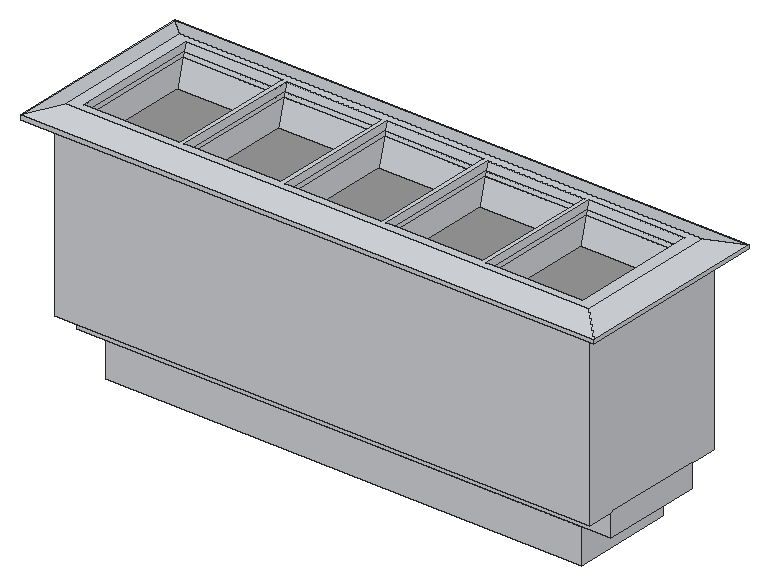
Revit family "2061146 Sylvania Lighting Fixture DOMINO 5xLED 930 BLACK MB TRIM WHITE", category Lighting Fixtures, host Face, Revit 2018
Family settings
  Host = Face
  Round Connector Dimension = Use Diameter
  Part Type = Normal
  OmniClass Number = 23.80.70.00
  OmniClass Title = Lighting
  Cut with Voids When Loaded = No
  Light Source = Yes
  Shared = No
  Room Calculation Point = No
Parameters (values of type "2061146 DOMINO 5XLED 930 BLACK MB TR WHT ")
  top top width = 15.812 mm
  top top length = 123 mm
  Width = 50 mm
  Weight = "n/a"
  Wattage Comments = ""
  Wattage = 9.2903 W
  WarrantyStartDate [instance] = "n/a"
  WarrantyGuarantorParts = "n/a"
  WarrantyDurationUnit = "n/a"
  WarrantyDurationParts = ""
  WarrantyDescription = "http://www.sylvania-lighting.com"
  built-in parameter 1150110 = 1 (stored number, unit not read)
  Voltage = 0 V
  URL = "0.6"
  TypeName = "DOMINO 5xLED 930 BLACK MB TRIM WHITE"
  Type Image = <None>
  Type Comments = "n/a"
  built-in parameter 1114217 = 1 (stored number, unit not read)
  Top Width = 26 mm
  Tilt Angle = 90.00°
  built-in parameter 1150109 = 1 (stored number, unit not read)
  built-in parameter 1150134 = 3
  built-in parameter 1150113 = 1 (stored number, unit not read)
  SerialNumber [instance] = "n/a"
  Recessed Width = 43 mm
  Recessed Length = 143 mm
  Photometric Web File = "2061146.ies"
  Material_3_FEILO = none
  PowerFactor = 0
  PowerConsumption = "Lighting"
  NominalLength = 50 mm
  NominalHeight = 0 mm
  NominalDepth = 0 mm
  Name = "DOMINO 5xLED 930 BLACK MB TRIM WHITE"
  ModelReference = Name  # "DOMINO 5xLED 930 BLACK MB TRIM WHITE"
  ModelNumber = "2061146"
  Model = Name  # "DOMINO 5xLED 930 BLACK MB TRIM WHITE"
  Material = "Feilo Sylvania"
  ManufacturerName = "58 lm/W"
  Manufacturer = ""
  LuminousEfficacy = ""
  built-in parameter 1150105 = 109.82 (stored number, unit not read)
  Lumens = 1380 lm
  LuminaireType = "0"
  built-in parameter 1150115 = 1 (stored number, unit not read)
  LightOutputRatio = "LED"
  built-in parameter 1150137 = (empty or 0)
  built-in parameter 1150139 = (empty or 0)
  Lens inside recess = 25 mm
  Lens Width = 32 mm
  Lens Outside recess = 31.978 mm
  Lens = Glass, White, High Luminance
  Length = 148 mm
  LampsType = Lamp  # "n/a"
  LampNominalLuminous = "3000 K"
  LampMacAdamStep = "90"
  LampColourTemperature = "LED"
  LampColourRenderingIndex = "16500"
  built-in parameter 1150112 = 1 (stored number, unit not read)
  built-in parameter 1150114 = 1 (stored number, unit not read)
  Lamp = "n/a"
  Keynote = "n/a"
  InstallationDate [instance] = "n/a"
  InputVoltage = "0"
  InputNominalFrequency = "3000"
  built-in parameter 1150132 = (empty or 0)
  built-in parameter 1150102 = (empty or 0)
  built-in parameter 1150107 = 3200 (stored number, unit not read)
  built-in parameter 1150138 = (empty or 0)
  IngressProtection = "IfcLightFixtureType"
  ImpactProtectionIndex = "IfcLightFixtureType"
  built-in parameter 1150106 = 1.0982 (stored number, unit not read)
  IfcExportType = "IfcLightFixtureType"
  IfcExportAs = "Class II"
  Facia internal width = 37 mm
  Facia internal length = 135 mm
  Facia Height = 2 mm
  ExpectedLife = 50000
  Emit from Circle Diameter = 609.6 mm
  Emit Shape Visible in Rendering = no
  ElectricShockClassification = "58"
  built-in parameter 1150104 = 13.8 (stored number, unit not read)
  DurationUnit = "hours"
  DocumentationLiterature = "http://www.sylvania-lighting.com/product/en-int/products/2061146"
  DimmingControlOptions = "n/a"
  Material_2_FEILO = none
  Dimming Lamp Color Temperature Shift = <None>
  Description = "Modular LED recessed linear spotlight, ideal for retail and hospitality applications. Die-cast aluminium body, passive cooling. Two levels of reflector installation, low glaring UGR<16. 5x LED source, 30° beam angle , optics: PMMA lens and polycarbonate reflector combination, Black matt reflector finish. Light color temperature: 3000K warm white, total system power: 13W , total fixture lumen output: 750lm, efficacy: 58 lm/W, Ra90 typical, LED chromacity: 3 step MacAdam ellipse (SDCM3), lifespan: 96,000 hours at 90% of the original output (L90B10), IR/UV free light source without heat radiation, operating voltage: 220-240V / 50-60Hz, electronic driver, ultra low flicker, non-dimmable , electrical protection: Class II. Degree of Protection: IP40/IP20, suitable for indoor environment only. Ceiling cut-out: 43x43mm, outer dimensions:  150x50mm trim frame RAL 9016 - Traffic white / Bezel color.5 years Warranty."
  Default Elevation = 1219.2 mm
  CreatedOn = "10/02/2021"
  CreatedBy = "@sylvania-lighting.com"
  Cost = 0
  Color Filter = 16777215
  built-in parameter 1114216 [instance] = (empty or 0)
  ClassificationValue = "EF_70_80"
  ClassificationName = "Uniclass2015"
  Material_1_FEILO = none
  Body Width = 40 mm
  Body Length = 138 mm
  BarCode [instance] = "n/a"
  built-in parameter 1114218 = 1 (stored number, unit not read)
  built-in parameter 1150133 = 10 (stored number, unit not read)
  AssetType = "Fixed"
  AssetIdentifier [instance] = "n/a"
  Assembly Code = "D5020200"
  Apparent Load = 13 VA
  Material_4_FEILO = none
Reference planes
  plane 1 "Center (Front/Back)": y = 0
  plane 2: z = 0
  plane 3 "Center (Left/Right)": x = 0
  plane 4: z = 0
  plane 5: z = -7
  plane 6: z = -45.895
  plane 7: z = -51.895
  plane 8: z = -60.895
  plane 9: x = -71.5
  plane 10: x = 71.5
  plane 11: y = 21.5
  plane 12: y = -21.5
  plane 13: x = -74
  plane 14: x = 74
  plane 15: y = 25
  plane 16: y = -25
  plane 17: x = 67.5
  plane 18: x = -67.5
  plane 19: y = 18.5
  plane 20: y = -18.5
  plane 21: z = 2
  plane 22: x = -69
  plane 23: x = 69
  plane 24: y = 20
  plane 25: y = -20
  plane 26: y = 13
  plane 27: y = -13
  plane 28: x = 61.5
  plane 29: x = -61.5
  plane 30: x = -65.5
  plane 31: y = 16.5
  plane 32: y = -16.472
  plane 33: x = -40.5
  plane 34: x = -41
  plane 35: x = -65
  plane 36: y = 13
  plane 37: y = -12.972
  plane 38: x = -39.5
  plane 39: x = -14.48
  plane 40: x = -13.48
  plane 41: x = 11.52
  plane 42: x = 12.52
  plane 43: x = 37.52
  plane 44: x = 38.52
  plane 45: x = 64.5
Forms (mm)
  Extrusion 1, solid, not visible, detail levels medium+fine
    sketch origin (4.2, 0, 0) x (1, 0, 0) y (0, 1, 0)
      loop
        line (-29.2, 34.5) -> (-29.2, -34.5) -> (20.8, -34.5) -> (20.8, 34.5) -> (-29.2, 34.5)
    from 0 to 1
  Extrusion 2, solid, not visible, detail levels medium+fine
    sketch origin (4.044, 0, 0) x (1, 0, 0) y (0, 1, 0)
      loop
        line (-29.2, 34.5) -> (-29.2, -34.5) -> (20.8, -34.5) -> (20.8, 34.5) -> (-29.2, 34.5)
    from 0 to 1
  Blend 3, solid, not visible, detail levels medium+fine
    base sketch origin (4.2, 0, 0) x (1, 0, 0) y (0, 1, 0)
      loop
        line (-29.2, 34.5) -> (-29.2, -34.5) -> (20.8, -34.5) -> (20.8, 34.5) -> (-29.2, 34.5)
    top sketch origin (4.2, 0, 0) x (1, 0, 0) y (0, 1, 0)
      loop
        line (-21.7, 28) -> (-21.7, -28) -> (13.3, -28) -> (13.3, 28) -> (-21.7, 28)
    from 1 to 3
  Extrusion 4, solid, not visible, detail levels medium+fine
    sketch origin (3.419, 0, 0) x (1, 0, 0) y (0, 1, 0)
      loop
        line (-29.2, 34.5) -> (-29.2, -34.5) -> (20.8, -34.5) -> (20.8, 34.5) -> (-29.2, 34.5)
    from 0 to 1
  Blend 5, solid, not visible, detail levels medium+fine
    base sketch origin (3.575, 0, 0) x (1, 0, 0) y (0, 1, 0)
      loop
        line (-29.2, 34.5) -> (-29.2, -34.5) -> (20.8, -34.5) -> (20.8, 34.5) -> (-29.2, 34.5)
    top sketch origin (3.575, 0, 0) x (1, 0, 0) y (0, 1, 0)
      loop
        line (-21.7, 28) -> (-21.7, -28) -> (13.3, -28) -> (13.3, 28) -> (-21.7, 28)
    from 1 to 3
  Extrusion 6, solid, not visible, detail levels medium+fine
    sketch origin (4.247, 0, 0) x (1, 0, 0) y (0, 1, 0)
      loop
        line (-29.2, 34.5) -> (-29.2, -34.5) -> (20.8, -34.5) -> (20.8, 34.5) -> (-29.2, 34.5)
    from 0 to 1
  Blend 7, solid, not visible, detail levels medium+fine
    base sketch origin (4.403, 0, 0) x (1, 0, 0) y (0, 1, 0)
      loop
        line (-29.2, 34.5) -> (-29.2, -34.5) -> (20.8, -34.5) -> (20.8, 34.5) -> (-29.2, 34.5)
    top sketch origin (4.403, 0, 0) x (1, 0, 0) y (0, 1, 0)
      loop
        line (-21.7, 28) -> (-21.7, -28) -> (13.3, -28) -> (13.3, 28) -> (-21.7, 28)
    from 1 to 3
  Extrusion 8, void, detail levels medium+fine
    sketch origin (4.2, 0, 0) x (0, 1, 0) y (1, 0, 0)
      loop
        line (21.5, -75.7) -> (21.5, 67.3) -> (-21.5, 67.3) -> (-21.5, -75.7) -> (21.5, -75.7)
    from -9.934 to 83.097
  Extrusion 9, solid, detail levels medium+fine
    sketch origin (4.2, 0, 0) x (1, 0, 0) y (0, 1, 0)
      loop
        line (-78.2, 25) -> (-78.2, -25) -> (69.8, -25) -> (69.8, 25) -> (-78.2, 25)
    from 0 to 1
  Extrusion 10, solid, detail levels medium+fine
    sketch origin (4.2, 0, 0) x (1, 0, 0) y (0, 1, 0)
      loop
        line (-73.2, 20) -> (-73.2, -20) -> (64.8, -20) -> (64.8, 20) -> (-73.2, 20)
    from 0 to -45.895
  Extrusion 11, solid, detail levels medium+fine
    sketch origin (4.2, 0, 0) x (1, 0, 0) y (0, 1, 0)
      loop
        line (-73.2, 13) -> (-73.2, -13) -> (64.8, -13) -> (64.8, 13) -> (-73.2, 13)
    from -51.895 to -45.895
  Extrusion 12, solid, material "Glass, White, High Luminance" <- "Lens", detail levels fine
    sketch origin (11.874, 1219.733, 36.156) x (1, 0, 0) y (0, 1, 0)
      loop
        line (-75.883, -1206.7) -> (-75.883, -1232.733) -> (-51.887, -1232.733) -> (-51.887, -1206.7) -> (-75.883, -1206.7)
    from -43.156 to -42.182
  Blend 13, solid, detail levels medium+fine
    base sketch origin (4.2, 0, 0) x (1, 0, 0) y (0, 1, 0)
      loop
        line (-78.2, 25) -> (-78.2, -25) -> (69.8, -25) -> (69.8, 25) -> (-78.2, 25)
    top sketch origin (4.2, 0, 0) x (1, 0, 0) y (0, 1, 0)
      loop
        line (-71.7, 18.5) -> (-71.7, -18.5) -> (63.3, -18.5) -> (63.3, 18.5) -> (-71.7, 18.5)
    from 1 to 3
  Extrusion 14, solid, detail levels fine
    sketch origin (0, 0, 0) x (1, 0, 0) y (0, 0, 1)
      loop
        line (-61.5, -51.895) -> (-61.5, -60.895) -> (61.5, -60.895) -> (61.5, -51.895) -> (-61.5, -51.895)
    from -13 to 13
  Blend 15, void
    base sketch origin (5.187, 0, 0) x (0, 1, 0) y (-1, 0, 0)
      loop
        line (16.5, 69.7) -> (-16.472, 69.7) -> (-16.472, 44.7) -> (16.5, 44.7) -> (16.5, 69.7)
    top sketch origin (5.187, 0, 0) x (0, 1, 0) y (-1, 0, 0)
      loop
        line (13, 69.2) -> (-12.972, 69.2) -> (-12.972, 45.2) -> (13, 45.2) -> (13, 69.2)
    from 3 to -7
  Blend 16, void
    base sketch origin (31.202, 0, 0) x (0, 1, 0) y (-1, 0, 0)
      loop
        line (16.5, 69.7) -> (-16.472, 69.7) -> (-16.472, 44.7) -> (16.5, 44.7) -> (16.5, 69.7)
    top sketch origin (31.202, 0, 0) x (0, 1, 0) y (-1, 0, 0)
      loop
        line (13, 69.2) -> (-12.972, 69.2) -> (-12.972, 45.2) -> (13, 45.2) -> (13, 69.2)
    from 3 to -7
  Blend 17, void
    base sketch origin (57.213, -0.017, 0) x (0, 1, 0) y (-1, 0, 0)
      loop
        line (16.5, 69.7) -> (-16.472, 69.7) -> (-16.472, 44.7) -> (16.5, 44.7) -> (16.5, 69.7)
    top sketch origin (57.213, -0.017, 0) x (0, 1, 0) y (-1, 0, 0)
      loop
        line (13, 69.2) -> (-12.972, 69.2) -> (-12.972, 45.2) -> (13, 45.2) -> (13, 69.2)
    from 3 to -7
  Blend 18, void
    base sketch origin (83.222, 0, 0) x (0, 1, 0) y (-1, 0, 0)
      loop
        line (16.5, 69.7) -> (-16.472, 69.7) -> (-16.472, 44.7) -> (16.5, 44.7) -> (16.5, 69.7)
    top sketch origin (83.222, 0, 0) x (0, 1, 0) y (-1, 0, 0)
      loop
        line (13, 69.2) -> (-12.972, 69.2) -> (-12.972, 45.2) -> (13, 45.2) -> (13, 69.2)
    from 3 to -7
  Blend 19, void
    base sketch origin (109.202, 0, 0) x (0, 1, 0) y (-1, 0, 0)
      loop
        line (16.5, 69.7) -> (-16.472, 69.7) -> (-16.472, 44.7) -> (16.5, 44.7) -> (16.5, 69.7)
    top sketch origin (109.202, 0, 0) x (0, 1, 0) y (-1, 0, 0)
      loop
        line (13, 69.2) -> (-12.972, 69.2) -> (-12.972, 45.2) -> (13, 45.2) -> (13, 69.2)
    from 3 to -7
  Extrusion 20, solid, material "Glass, White, High Luminance" <- "Lens", detail levels fine
    sketch origin (37.889, 1219.733, 36.156) x (1, 0, 0) y (0, 1, 0)
      loop
        line (-75.883, -1206.7) -> (-75.883, -1232.733) -> (-51.887, -1232.733) -> (-51.887, -1206.7) -> (-75.883, -1206.7)
    from -43.156 to -42.182
  Extrusion 21, solid, material "Glass, White, High Luminance" <- "Lens", detail levels fine
    sketch origin (63.896, 1219.733, 36.156) x (1, 0, 0) y (0, 1, 0)
      loop
        line (-75.883, -1206.7) -> (-75.883, -1232.733) -> (-51.887, -1232.733) -> (-51.887, -1206.7) -> (-75.883, -1206.7)
    from -43.156 to -42.182
  Extrusion 22, solid, material "Glass, White, High Luminance" <- "Lens", detail levels fine
    sketch origin (89.905, 1219.733, 36.156) x (1, 0, 0) y (0, 1, 0)
      loop
        line (-75.883, -1206.7) -> (-75.883, -1232.733) -> (-51.887, -1232.733) -> (-51.887, -1206.7) -> (-75.883, -1206.7)
    from -43.156 to -42.182
  Extrusion 23, solid, material "Glass, White, High Luminance" <- "Lens", detail levels fine
    sketch origin (115.886, 1219.733, 36.156) x (1, 0, 0) y (0, 1, 0)
      loop
        line (-75.883, -1206.7) -> (-75.883, -1232.733) -> (-51.887, -1232.733) -> (-51.887, -1206.7) -> (-75.883, -1206.7)
    from -43.156 to -42.182
  Extrusion 24, solid, detail levels coarse
    sketch origin (4.2, 0, 0) x (1, 0, 0) y (0, 1, 0)
      loop
        line (-78.2, 25) -> (-78.2, -25) -> (69.8, -25) -> (69.8, 25) -> (-78.2, 25)
    from 3 to -60.895
Cuts and joins
  Blend 15, Blend 16, Blend 17, Blend 18, Blend 19 cuts Extrusion 9
  Blend 15, Blend 16, Blend 17, Blend 18, Blend 19 cuts Extrusion 10
  Blend 15, Blend 16, Blend 17, Blend 18, Blend 19 cuts Blend 13
Dimensions and locks
  "Recessed Length": plane 9 to plane 10
  equal spacing: plane 9, plane 3 "Center (Left/Right)", plane 10
  "Length": plane 13 to plane 14
  equal spacing: plane 13, plane 3 "Center (Left/Right)", plane 14
  "Recessed Width": plane 11 to plane 12
  equal spacing: plane 11, plane 1 "Center (Front/Back)", plane 12
  "Width": plane 15 to plane 16
  equal spacing: plane 15, plane 1 "Center (Front/Back)", plane 16
  "Facia internal length": plane 18 to plane 17
  equal spacing: plane 18, plane 3 "Center (Left/Right)", plane 17
  "Facia internal width": plane 19 to plane 20
  equal spacing: plane 19, plane 1 "Center (Front/Back)", plane 20
  "Facia Height": plane 21 to host face
  "Body Length": plane 22 to plane 23
  equal spacing: plane 22, plane 3 "Center (Left/Right)", plane 23
  "Body Width": plane 24 to plane 25
  equal spacing: plane 24, plane 1 "Center (Front/Back)", plane 25
  "Top Width": plane 26 to plane 27
  equal spacing: plane 26, plane 1 "Center (Front/Back)", plane 27
  "top top length": plane 29 to plane 28
  equal spacing: plane 29, plane 3 "Center (Left/Right)", plane 28  (x2)
  plane 28 to plane 29 = 123 mm
  equal spacing: plane 28, plane 3 "Center (Left/Right)", plane 29
  aligned and locked: plane 2 to host face
  aligned and locked: level to host face
  aligned and locked: Extrusion 11 to plane 7
  aligned and locked: Extrusion 10 to plane 6
  aligned and locked: Extrusion 12 to plane 5
Automatic sketch dimensions
  Extrusion 1 sketch curve to Extrusion 1 sketch curve = 50 mm
  Extrusion 1 sketch curve to Extrusion 1 sketch curve = 69 mm
  Extrusion 2 sketch curve to Extrusion 2 sketch curve = 50 mm
  Extrusion 2 sketch curve to Extrusion 2 sketch curve = 69 mm
  Blend 3 sketch curve to Blend 3 sketch curve = 50 mm
  Blend 3 sketch curve to Blend 3 sketch curve = 69 mm
  Blend 3 sketch curve to Blend 3 sketch curve = 35 mm
  Blend 3 sketch curve to Blend 3 sketch curve = 56 mm
  Extrusion 4 sketch curve to Extrusion 4 sketch curve = 50 mm
  Extrusion 4 sketch curve to Extrusion 4 sketch curve = 69 mm
  Blend 5 sketch curve to Blend 5 sketch curve = 50 mm
  Blend 5 sketch curve to Blend 5 sketch curve = 69 mm
  Blend 5 sketch curve to Blend 5 sketch curve = 35 mm
  Blend 5 sketch curve to Blend 5 sketch curve = 56 mm
  Extrusion 6 sketch curve to Extrusion 6 sketch curve = 50 mm
  Extrusion 6 sketch curve to Extrusion 6 sketch curve = 69 mm
  Blend 7 sketch curve to Blend 7 sketch curve = 50 mm
  Blend 7 sketch curve to Blend 7 sketch curve = 69 mm
  Blend 7 sketch curve to Blend 7 sketch curve = 35 mm
  Blend 7 sketch curve to Blend 7 sketch curve = 56 mm
  host sketch curve to host sketch curve = 2438.4 mm  (x2)
  Extrusion 8 sketch curve to plane 9 = 0 mm
  Extrusion 8 sketch curve to plane 12 = 0 mm
  Extrusion 8 sketch curve to plane 11 = 0 mm
  Extrusion 8 sketch curve to plane 10 = 0 mm
  Extrusion 9 sketch curve to plane 13 = 0 mm
  Extrusion 9 sketch curve to plane 14 = 0 mm
  Extrusion 9 sketch curve to plane 16 = 0 mm
  Extrusion 9 sketch curve to plane 15 = 0 mm
  Extrusion 10 sketch curve to plane 22 = 0 mm
  Extrusion 10 sketch curve to plane 23 = 0 mm
  Extrusion 10 sketch curve to plane 25 = 0 mm
  Extrusion 10 sketch curve to plane 24 = 0 mm
  Extrusion 11 sketch curve to plane 22 = 0 mm
  Extrusion 11 sketch curve to plane 23 = 0 mm
  Extrusion 11 sketch curve to plane 27 = 0 mm
  Extrusion 11 sketch curve to plane 26 = 0 mm
  Extrusion 12 sketch curve to plane 27 = 0 mm
  plane 35 to Extrusion 12 sketch curve = 0.991 mm
  plane 26 to Extrusion 12 sketch curve = 0.033 mm
  plane 33 to Extrusion 12 sketch curve = 0.487 mm
  Blend 13 sketch curve to plane 13 = 0 mm
  Blend 13 sketch curve to plane 14 = 0 mm
  Blend 13 sketch curve to plane 16 = 0 mm
  Blend 13 sketch curve to plane 15 = 0 mm
  Blend 13 sketch curve to plane 18 = 0 mm
  Blend 13 sketch curve to plane 17 = 0 mm
  Blend 13 sketch curve to plane 20 = 0 mm
  Blend 13 sketch curve to plane 19 = 0 mm
  Extrusion 14 sketch curve to plane 8 = 0 mm
  Extrusion 14 sketch curve to plane 29 = 0 mm
  Extrusion 14 sketch curve to plane 28 = 0 mm
  Extrusion 14 sketch curve to plane 7 = 0 mm
  Blend 15 sketch curve to plane 32 = 0 mm
  Blend 15 sketch curve to plane 31 = 0 mm
  Blend 15 sketch curve to plane 38 = 0.013 mm
  plane 35 to Blend 15 sketch curve = 0.487 mm
  Blend 15 sketch curve to plane 37 = 0 mm
  Blend 15 sketch curve to plane 26 = 0 mm
  plane 33 to Blend 15 sketch curve = 0.487 mm
  plane 35 to Blend 15 sketch curve = 0.987 mm
  Blend 16 sketch curve to plane 32 = 0 mm
  Blend 16 sketch curve to plane 31 = 0 mm
  Blend 16 sketch curve to plane 40 = 0.018 mm
  plane 38 to Blend 16 sketch curve = 1.002 mm
  Blend 16 sketch curve to plane 37 = 0 mm
  Blend 16 sketch curve to plane 26 = 0 mm
  plane 39 to Blend 16 sketch curve = 0.482 mm
  plane 38 to Blend 16 sketch curve = 1.502 mm
  Blend 17 sketch curve to plane 32 = 0.017 mm
  Blend 17 sketch curve to plane 31 = 0.017 mm
  Blend 17 sketch curve to plane 42 = 0.007 mm
  plane 40 to Blend 17 sketch curve = 0.993 mm
  plane 27 to Blend 17 sketch curve = 0.011 mm
  Blend 17 sketch curve to plane 26 = 0.017 mm
  plane 41 to Blend 17 sketch curve = 0.493 mm
  plane 40 to Blend 17 sketch curve = 1.493 mm
  plane 32 to Blend 18 sketch curve = 0 mm
  plane 31 to Blend 18 sketch curve = 0 mm
  plane 44 to Blend 18 sketch curve = 0.002 mm
  plane 42 to Blend 18 sketch curve = 1.002 mm
  plane 37 to Blend 18 sketch curve = 0 mm
  plane 26 to Blend 18 sketch curve = 0 mm
  Blend 18 sketch curve to plane 44 = 0.498 mm
  plane 42 to Blend 18 sketch curve = 1.502 mm
  Blend 19 sketch curve to plane 32 = 0 mm
  Blend 19 sketch curve to plane 31 = 0 mm
  plane 45 to Blend 19 sketch curve = 0.002 mm
  plane 44 to Blend 19 sketch curve = 0.982 mm
  Blend 19 sketch curve to plane 37 = 0 mm
  Blend 19 sketch curve to plane 26 = 0 mm
  Blend 19 sketch curve to plane 45 = 0.498 mm
  plane 44 to Blend 19 sketch curve = 1.482 mm
  Extrusion 20 sketch curve to plane 27 = 0 mm
  plane 38 to Extrusion 20 sketch curve = 1.506 mm
  plane 26 to Extrusion 20 sketch curve = 0.033 mm
  plane 39 to Extrusion 20 sketch curve = 0.482 mm
  Extrusion 21 sketch curve to plane 27 = 0 mm
  plane 40 to Extrusion 21 sketch curve = 1.493 mm
  plane 26 to Extrusion 21 sketch curve = 0.033 mm
  plane 41 to Extrusion 21 sketch curve = 0.49 mm
  Extrusion 22 sketch curve to plane 27 = 0 mm
  plane 42 to Extrusion 22 sketch curve = 1.502 mm
  plane 26 to Extrusion 22 sketch curve = 0.033 mm
  plane 43 to Extrusion 22 sketch curve = 0.498 mm
  Extrusion 23 sketch curve to plane 27 = 0 mm
  plane 44 to Extrusion 23 sketch curve = 1.482 mm
  plane 26 to Extrusion 23 sketch curve = 0.033 mm
  Extrusion 23 sketch curve to plane 45 = 0.501 mm
  Extrusion 24 sketch curve to plane 13 = 0 mm
  Extrusion 24 sketch curve to plane 14 = 0 mm
  Extrusion 24 sketch curve to plane 16 = 0 mm
  Extrusion 24 sketch curve to plane 15 = 0 mm
Connectors
  electrical at (0, 0, -60.895)
    settings: on Extrusion 14, index 1, voltage 0 V, apparent load 0 VA, apparent load phase1 0 VA, apparent load phase2 0 VA, apparent load phase3 0 VA, power factor 1, load classification "Other", number of poles 1, system type 31, power factor state 1, is connector primary yes, connector utility no, sub classification motor no, connector description ""
